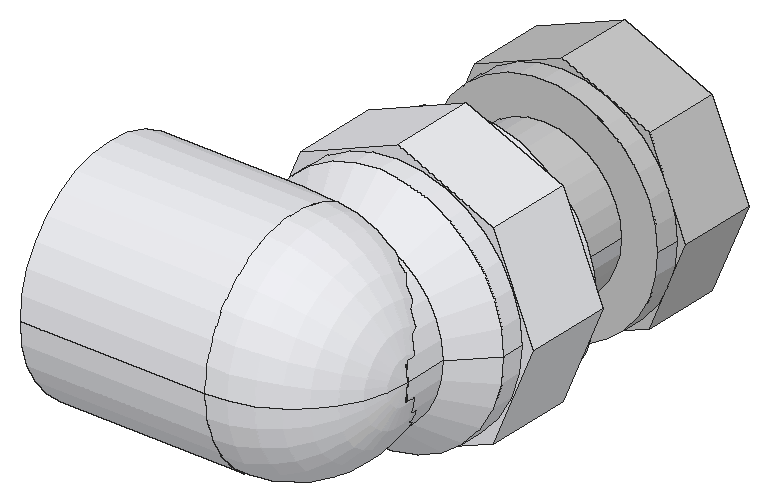
Revit family "PF_Отвод [фитинг полипропиленовый - угольник с накидной гайкой VTp.758.0]1 - VALTEC", category Соединительные детали трубопроводов, Revit 2019
Family settings
  Размер круглого соединителя = Использовать диаметр
  Тип детали = Отвод
  На основе рабочей плоскости = Нет
  Всегда вертикально = Да
  При загрузке вырезать с полостями = Нет
  Общий = Нет
Parameters (values of type "VTp.758.0")
  Угол 1 [instance] = size_lookup(Таблица, "Угол 1", 0.00°, n, d1, d2)  # 0.00°
  Угол [instance] = 90.00°
  Таблица = "PF_Отвод [фитинг полипропиленовый - угольник с накидной гайкой VTp.758.0] - VALTEC"  # constant formula
  built-in parameter 1114238 [instance] = (empty or 0)
  Отразить [instance] = no
  Материал доп.1 = Сталь, нержавеющая - VALTEC
  Keynote = ""
  Manufacturer = ""
  x2 [instance] = size_lookup(Таблица, "x2", 0 mm, n, d1, d2)  # 49.5 mm
  x1 [instance] = size_lookup(Таблица, "x1", 0 mm, n, d1, d2)  # 26.5 mm
  r [instance] = size_lookup(Таблица, "r", 0 mm, n, d1, d2)  # 14.5 mm
  n [instance] = if(Отразить, 1 mm, 0 mm)  # 0 mm
  lc9 [instance] = size_lookup(Таблица, "lc9", 0 mm, n, d1, d2)  # 23.5 mm
  lc8 [instance] = size_lookup(Таблица, "lc8", 0 mm, n, d1, d2)  # 5.7 mm
  lc7 [instance] = size_lookup(Таблица, "lc7", 0 mm, n, d1, d2)  # 4.5 mm
  lc6 [instance] = size_lookup(Таблица, "lc6", 0 mm, n, d1, d2)  # 2.8 mm
  lc5 [instance] = size_lookup(Таблица, "lc5", 0 mm, n, d1, d2)  # 11 mm
  lc4 [instance] = size_lookup(Таблица, "lc4", 0 mm, n, d1, d2)  # 1 mm
  lc3 [instance] = size_lookup(Таблица, "lc3", 0 mm, n, d1, d2)  # 10.5 mm
  lc2 [instance] = size_lookup(Таблица, "lc2", 0 mm, n, d1, d2)  # 3 mm
  lc1 [instance] = size_lookup(Таблица, "lc1", 0 mm, n, d1, d2)  # 10 mm
  la1 [instance] = size_lookup(Таблица, "la1", 0 mm, n, d1, d2)  # -26.5 mm
  l2 [instance] = size_lookup(Таблица, "l2", 0 mm, n, d1, d2)  # 0 mm
  l1 [instance] = size_lookup(Таблица, "l1", 0 mm, n, d1, d2)  # 2.8 mm
  l0 [instance] = size_lookup(Таблица, "l0", 0 mm, n, d1, d2)  # 0 mm
  dn9 [instance] = size_lookup(Таблица, "dn9", 0 mm, n, d1, d2)  # 31.9 mm
  dn8 [instance] = size_lookup(Таблица, "dn8", 0 mm, n, d1, d2)  # 29.5 mm
  dn7 [instance] = size_lookup(Таблица, "dn7", 0 mm, n, d1, d2)  # 20 mm
  dn6 [instance] = size_lookup(Таблица, "dn6", 0 mm, n, d1, d2)  # 27 mm
  dn5 [instance] = size_lookup(Таблица, "dn5", 0 mm, n, d1, d2)  # 32 mm
  dn4 [instance] = size_lookup(Таблица, "dn4", 0 mm, n, d1, d2)  # 35.2 mm
  dn3 [instance] = size_lookup(Таблица, "dn3", 0 mm, n, d1, d2)  # 32 mm
  dn2 [instance] = size_lookup(Таблица, "dn2", 0 mm, n, d1, d2)  # 23.4 mm
  d2 [instance] = 20 mm
  d1 [instance] = 20 mm
  dn1 [instance] = size_lookup(Таблица, "dn1", 0 mm, n, d1, d2)  # 29 mm
  URL = "https://valtec.ru/"
  E [instance] = size_lookup(Таблица, "E", 0 mm, n, d1, d2)  # 26 mm
  C [instance] = size_lookup(Таблица, "C", 0 mm, n, d1, d2)  # 49.5 mm
  B [instance] = size_lookup(Таблица, "B", 0 mm, n, d1, d2)  # 15 mm
  ADSK_Примечание [instance] = ""
  ADSK_Позиция [instance] = ""
  ADSK_Обозначение [instance] = "VTp.758.0"  # constant formula
  ADSK_Наименование [instance] = size_lookup(Таблица, "", "Данный типоразмер отсутствует", n, d1, d2)  # "Фитинг полипропиленовый - угольник с накидной гайкой, 20 мм х 3/4\""
  ADSK_Материал [instance] = Пластик белый - VALTEC
  ADSK_Масса [instance] = size_lookup(Таблица, "Масса", 0, n, d1, d2)  # 0.058
  ADSK_Марка [instance] = size_lookup(Таблица, "Маркировка", "Данный типоразмер отсутствует", n, d1, d2)  # "20 мм х 3/4\""
  ADSK_Код изделия [instance] = size_lookup(Таблица, "Код продукта", "Данный типоразмер отсутствует", n, d1, d2)  # "VTp.758.0.02005"
  ADSK_Завод-изготовитель [instance] = "VALTEC"  # constant formula
  ADSK_Единица измерения [instance] = "шт."  # constant formula
  ADSK_URL страницы изделия = "https://valtec.ru/catalog/sistemy_polipropilenovyh_truboprovodov/polipropilenovye_fitingi/fiting_polipropilenovyj_ugolnik_s_nakidnoj_gajkoj_vtp7580.html"
  ADSK_URL документации изделия = "https://valtec.ru/document/technical/VTp.700-fitingi-0419.pdf"
  A [instance] = size_lookup(Таблица, "A", 0 mm, n, d1, d2)  # 26.5 mm
Reference planes
  plane 1 "По центру (Вперед/Назад)": y = 0
  plane 2: z = 0
  plane 3 "По центру (Влево/Вправо)": x = 0
  plane 4: x = -26.5
  plane 5: y = 14.5
  plane 6: x = -14.5
  plane 7: y = 49.5
Lines and regions (mm)
  reference lines
    curve 1: line (0, 0, 0) -> (0, 49.5, 0)
    curve 2: line (0, 0, 0) -> (-26.5, 0, 0)
    curve 3: line (0, 49.5, 0) -> (10, 49.5, 0)
    curve 4: line (0, 26, 0) -> (10, 26, 0)
    curve 5: line (-26.5, 0, 0) -> (-26.5, -10, 0)
    curve 6: line (-26.5, 0, 0) -> (0, 0, 0)
    curve 7: line (0, 0, 0) -> (0, 49.5, 0)
  model lines, detail levels coarse
    curve 8: arc (-14.5, 0, 0) -> (-4.247, 4.247, 0) -> (0, 14.5, 0) r 14.5
    curve 9: line (0, 49.5, 0) -> (0, 14.5, 0)
    curve 10: line (-26.5, 0, 0) -> (-14.5, 0, 0)
Dimensions and locks
  "r": plane 1 "По центру (Вперед/Назад)" to plane 5
  "r": plane 6 to plane 3 "По центру (Влево/Вправо)"
  "A": plane 4 to plane 3 "По центру (Влево/Вправо)"
  "C": plane 1 "По центру (Вперед/Назад)" to plane 7
  "x1": curve 2 to curve 2
  "x2": curve 1 to curve 1
  "lc9": curve 4 to curve 3
  "r": radius of curve 8
  "Угол 1": angle curve 2 to plane 1 "По центру (Вперед/Назад)"
  "Угол 1": angle plane 3 "По центру (Влево/Вправо)" to curve 1
  locked: curve 1 to curve 3 (angle 90.00°)
  locked: curve 1 to curve 4 (angle 90.00°)
  "Угол 1": angle plane 3 "По центру (Влево/Вправо)" to nested 1
  "Угол 1": angle plane 3 "По центру (Влево/Вправо)" to nested 2
  angle nested 3 to plane 1 "По центру (Вперед/Назад)" = 0.00°
  locked: curve 5 to curve 2 (angle 90.00°)
  "Угол 1": angle nested 3 to plane 1 "По центру (Вперед/Назад)"
  aligned and locked: level to plane 2
  aligned and locked: plane 1 "По центру (Вперед/Назад)" to curve 2
  aligned and locked: curve 1 to nested 1
  aligned and locked: curve 1 to nested 2
  aligned and locked: curve 3 to nested 1
  aligned and locked: nested 2 to curve 4
  aligned and locked: curve 2 to nested 3
  aligned and locked: curve 5 to nested 3
  aligned and locked: plane 4 to curve 6
  aligned and locked: plane 7 to curve 7
  aligned and locked: plane 1 "По центру (Вперед/Назад)" to curve 6
  aligned and locked: plane 3 "По центру (Влево/Вправо)" to curve 7
  aligned and locked: plane 6 to curve 8  (x2)
  aligned and locked: plane 5 to curve 8
  aligned and locked: plane 4 to curve 10
  aligned and locked: plane 1 "По центру (Вперед/Назад)" to curve 10
  aligned and locked: plane 7 to curve 9
  aligned and locked: curve 9 to plane 3 "По центру (Влево/Вправо)"
Nested families
  nested 1: "Часть 2 - VTp.758.0" at (0, 39.5, 0) x (0, 1, 0) z (0, 0, 1), ADSK_Материал <- "Материал доп.1", dn7 <- "dn7", dn8 <- "dn8", dn9 <- "dn9", lc1 <- "lc1", lc3 <- "lc3", lc2 <- "lc2", type "Часть 2 - VTp.758.0", detail levels medium+fine
    with lc3 10.5 mm, lc2 3 mm, lc1 10 mm, hr 29.472 mm, dn9 31.9 mm, dn8 29.5 mm, dn7 20 mm, ADSK_Материал Сталь, нержавеющая - VALTEC
  nested 2: "Часть 3- VTp.758.0" at (0, 13, 0) x (0, 1, 0) z (0, 0, 1), ADSK_Материал <- "ADSK_Материал", dn2 <- "dn2", dn3 <- "dn3", dn4 <- "dn4", dn5 <- "dn5", dn6 <- "dn6", lc4 <- "lc4", lc5 <- "lc5", lc6 <- "lc6", lc7 <- "lc7", lc8 <- "lc8", type "Часть 3 - VTp.758.0", detail levels medium+fine
    with lc8 5.7 mm, lc7 4.5 mm, lc6 2.8 mm, lc5 11 mm, lc4 1 mm, hr 32.521 mm, dn6 27 mm, dn5 32 mm, dn4 35.2 mm, dn3 32 mm, dn2 23.4 mm, ADSK_Материал Пластик белый - VALTEC
  nested 3: "Часть 1 - VTp.758.0" at (0, 0, 0), ADSK_Материал <- "ADSK_Материал", dn1 <- "dn1", l1 <- "l1", x1 <- "x1", type "Часть 1 - VTp.758.0", detail levels medium+fine
    with x1 26.5 mm, l1 2.8 mm, dn1 29 mm, d 24 mm, ADSK_Материал Пластик белый - VALTEC
Connectors
  piping at (-26.5, 0, 0), diameter 20, driven by "d1", driven by "Угол"
    settings: on curve 6, index 1, connector inside diameter 609.6 mm, connector length 0 mm, flow factor 0, pipe flow 0.0 L/s, pressure drop 0.0 Pa, fitting loss kfactor 0, connector angle 90.00°, fixture units 0, engagement length 0 mm, angle of deflection 0.00°, flow configuration 0, flow direction 0, fitting loss method 0, system type 28, joint type 0, gender type 0, connector reference index 2, connector utility 0, adjustable connector no, is connector primary yes, connector description ""
  piping at (0, 49.5, 0), diameter 20, driven by "d2", driven by "Угол"
    settings: on curve 7, index 2, connector inside diameter 609.6 mm, connector length 0 mm, flow factor 0, pipe flow 0.0 L/s, pressure drop 0.0 Pa, fitting loss kfactor 0, connector angle 90.00°, fixture units 0, engagement length 0 mm, angle of deflection 0.00°, flow configuration 0, flow direction 0, fitting loss method 0, system type 28, joint type 0, gender type 0, connector reference index 1, connector utility 0, adjustable connector no, is connector primary no, connector description ""
Definition of nested family "Часть 2 - VTp.758.0"
  Parameters (values of type "Часть 2 - VTp.758.0")
    lc3 [instance] = 10.5 mm
    lc2 [instance] = 3 mm
    lc1 [instance] = 10 mm
    dn9 [instance] = 31.3 mm
    dn8 [instance] = 29.5 mm
    dn7 [instance] = 20 mm
    hr [instance] = dn9 / 2 * cos(180.00° / 8) * 2  # 28.917 mm
    ADSK_Материал [instance] = none
  Reference planes
    plane 1 "По центру (Вперед/Назад)": y = 0
    plane 2: z = 0
    plane 3 "По центру (Влево/Вправо)": x = 0
    plane 4: y = 318.7
    plane 5: y = -318.7
    plane 6: through (0, -1171.188, 2865.281) normal (0, -0.9239, -0.3827)
    plane 7: through (0, -1234.338, 2979.956) normal (0, -0.9239, -0.3827)
    plane 8: through (0, -1297.488, 3094.631) normal (0, -0.9239, -0.3827)
    plane 9: through (0, 1234.338, 2979.956) normal (0, -0.9239, 0.3827)
    plane 10: through (0, -2527.259, 1062.475) normal (0, -0.3827, -0.9239)
    plane 11: through (0, -2532.792, 1049.117) normal (0, -0.3827, -0.9239)
    plane 12: through (0, -2538.325, 1035.759) normal (0, -0.3827, -0.9239)
    plane 13: through (0, 2527.259, 1062.475) normal (0, -0.3827, 0.9239)
    plane 14: through (0, 2532.792, 1049.117) normal (0, -0.3827, 0.9239)
    plane 15: through (0, 2538.325, 1035.759) normal (0, -0.3827, 0.9239)
    plane 16: through (0, 1171.188, 2865.281) normal (0, -0.9239, 0.3827)
    plane 17: through (0, 1234.338, 2979.956) normal (0, -0.9239, 0.3827)
    plane 18: through (0, 1297.488, 3094.631) normal (0, -0.9239, 0.3827)
    plane 19: x = 10
    plane 20: x = -3
    plane 21: x = -13.5
  Forms (mm)
    Extrusion 1, solid, material <- "ADSK_Материал"
      sketch origin (0, 0, 0) x (0, 1, 0) y (0, 0, 1)
        loop
          line (0, 15.65) -> (-11.066, 11.066) -> (-15.65, 0) -> (-11.066, -11.066) -> (0, -15.65) -> (11.066, -11.066) -> (15.65, 0) -> (11.066, 11.066) -> (0, 15.65)
      from 0 to 10
    Extrusion 2, solid, material <- "ADSK_Материал"
      sketch origin (0, 0, 0) x (0, 1, 0) y (0, 0, 1)
        loop
          circle (0, 0) r 14.75
      from -3 to 0
    Extrusion 3, solid, material <- "ADSK_Материал"
      sketch origin (0, 0, 0) x (0, 1, 0) y (0, 0, 1)
        loop
          circle (0, 0) r 10
      from -13.5 to -3
  Cuts and joins
    joined: Extrusion 2, Extrusion 3
  Lines and regions (mm)
    reference lines
      curve 1: line (10, 318.7, 0) -> (10, -318.7, 0)
      curve 2: line (-13.5, 0, 0) -> (10, 0, 0)
  Dimensions and locks
    equal spacing: plane 4, plane 1 "По центру (Вперед/Назад)", plane 5
    locked: plane 4 to plane 5 at 637.4
    equal spacing: plane 8, plane 7, plane 6
    "hr": plane 8 to plane 6
    equal spacing: plane 12, plane 11, plane 10
    "hr": plane 12 to plane 10
    equal spacing: plane 15, plane 14, plane 13
    "hr": plane 15 to plane 13
    equal spacing: plane 18, plane 17, plane 16
    "hr": plane 18 to plane 16
    "lc1": plane 3 "По центру (Влево/Вправо)" to plane 19
    "lc2": plane 20 to plane 3 "По центру (Влево/Вправо)"
    "lc3": plane 21 to plane 20
    "dn8": diameter of Extrusion 2 sketch curve
    "dn7": diameter of Extrusion 3 sketch curve
    aligned and locked: level to plane 2
    aligned and locked: plane 10 to Extrusion 1 sketch curve
    aligned and locked: plane 13 to Extrusion 1 sketch curve
    aligned and locked: plane 16 to Extrusion 1 sketch curve
    aligned and locked: Extrusion 1 sketch curve to plane 8
    aligned and locked: Extrusion 1 sketch curve to plane 12
    aligned and locked: Extrusion 1 sketch curve to plane 15
    aligned and locked: Extrusion 1 sketch curve to plane 18
    aligned and locked: plane 6 to Extrusion 1 sketch curve
    aligned and locked: plane 19 to Extrusion 1
    aligned and locked: Extrusion 1 to plane 19
    aligned and locked: Extrusion 1 to plane 3 "По центру (Влево/Вправо)"
    aligned and locked: plane 5 to curve 1
    aligned and locked: plane 4 to curve 1
    aligned and locked: curve 1 to plane 19
    aligned and locked: curve 1 to Extrusion 2 sketch curve
    aligned and locked: plane 1 "По центру (Вперед/Назад)" to Extrusion 2 sketch curve
    aligned and locked: level to Extrusion 3 sketch curve
    aligned and locked: plane 1 "По центру (Вперед/Назад)" to Extrusion 3 sketch curve
    aligned and locked: plane 3 "По центру (Влево/Вправо)" to Extrusion 2
    aligned and locked: plane 20 to Extrusion 2
    aligned and locked: Extrusion 3 to plane 20
    aligned and locked: plane 21 to Extrusion 3
    aligned and locked: plane 19 to curve 2
    aligned and locked: plane 21 to curve 2
    aligned and locked: plane 1 "По центру (Вперед/Назад)" to curve 2
Definition of nested family "Часть 3- VTp.758.0"
  Parameters (values of type "Часть 3 - VTp.758.0")
    lc8 [instance] = 4.9 mm
    lc7 [instance] = 2.2 mm
    lc6 [instance] = 4.9 mm
    lc5 [instance] = 10 mm
    lc4 [instance] = 1 mm
    dn5 [instance] = 26 mm
    dn6 [instance] = 21.5 mm
    hr [instance] = dn4 / 2 * cos(180.00° / 8) * 2  # 26.515 mm
    dn4 [instance] = 28.7 mm
    dn3 [instance] = 26.4 mm
    dn2 [instance] = 22.6 mm
    ADSK_Материал [instance] = none
  Reference planes
    plane 1 "По центру (Вперед/Назад)": y = 0
    plane 2: z = 0
    plane 3 "По центру (Влево/Вправо)": x = 0
    plane 4: y = 318.7
    plane 5: y = -318.7
    plane 6: through (0, -1172.298, 2864.821) normal (0, -0.9239, -0.3827)
    plane 7: through (0, -1234.338, 2979.956) normal (0, -0.9239, -0.3827)
    plane 8: through (0, -1296.378, 3095.09) normal (0, -0.9239, -0.3827)
    plane 9: through (0, 1234.338, 2979.956) normal (0, -0.9239, 0.3827)
    plane 10: through (0, -2527.718, 1061.365) normal (0, -0.3827, -0.9239)
    plane 11: through (0, -2532.792, 1049.117) normal (0, -0.3827, -0.9239)
    plane 12: through (0, -2537.865, 1036.868) normal (0, -0.3827, -0.9239)
    plane 13: through (0, 2527.718, 1061.365) normal (0, -0.3827, 0.9239)
    plane 14: through (0, 2532.792, 1049.117) normal (0, -0.3827, 0.9239)
    plane 15: through (0, 2537.865, 1036.868) normal (0, -0.3827, 0.9239)
    plane 16: through (0, 1172.298, 2864.821) normal (0, -0.9239, 0.3827)
    plane 17: through (0, 1234.338, 2979.956) normal (0, -0.9239, 0.3827)
    plane 18: through (0, 1296.378, 3095.09) normal (0, -0.9239, 0.3827)
    plane 19: x = 10
    plane 20: x = -4.9
    plane 21: x = -7.1
    plane 22: x = -12
    plane 23: x = 11
    plane 24: x = 12
  Forms (mm)
    Extrusion 1, solid, material <- "ADSK_Материал"
      sketch origin (0, 0, 0) x (0, 1, 0) y (0, 0, 1)
        loop
          line (0, 14.35) -> (-10.147, 10.147) -> (-14.35, 0) -> (-10.147, -10.147) -> (0, -14.35) -> (10.147, -10.147) -> (14.35, 0) -> (10.147, 10.147) -> (0, 14.35)
      from 0 to 10
    Extrusion 2, solid, material <- "ADSK_Материал"
      sketch origin (0, 0, 0) x (0, 1, 0) y (0, 0, 1)
        loop
          circle (0, 0) r 13
      from 10 to 11
    Extrusion 3, solid, material <- "ADSK_Материал"
      sketch origin (0, 0, 0) x (0, 1, 0) y (0, 0, 1)
        loop
          circle (0, 0) r 13.2
      from -4.9 to 0
    Blend 4, solid, material <- "ADSK_Материал"
      base sketch origin (0, 0, 0) x (0, 1, 0) y (0, 0, 1)
        loop
          circle (0, 0) r 10.75
      top sketch origin (0, 0, 0) x (0, 1, 0) y (0, 0, 1)
        loop
          circle (0, 0) r 13
      from 12 to 11
    Blend 5, solid, material <- "ADSK_Материал"
      base sketch origin (0, 0, 0) x (0, 1, 0) y (0, 0, 1)
        loop
          circle (0, 0) r 11.3
      top sketch origin (0, 0, 0) x (0, 1, 0) y (0, 0, 1)
        loop
          circle (0, 0) r 13.2
      from -7.1 to -4.9
    Extrusion 6, solid, material <- "ADSK_Материал"
      sketch origin (0, 0, 0) x (0, 1, 0) y (0, 0, 1)
        loop
          circle (0, 0) r 11.3
      from -12 to -7.1
  Cuts and joins
    joined: Extrusion 1, Extrusion 2, Extrusion 3, Blend 4, Blend 5, Extrusion 6
  Lines and regions (mm)
    reference lines
      curve 1: line (10, 318.7, 0) -> (10, -318.7, 0)
      curve 2: line (-7.1, 0, 0) -> (10, 0, 0)
      curve 3: line (12, 14.35, 0) -> (12, -14.35, 0)
  Dimensions and locks
    equal spacing: plane 4, plane 1 "По центру (Вперед/Назад)", plane 5
    locked: plane 4 to plane 5 at 637.4
    equal spacing: plane 8, plane 7, plane 6
    "hr": plane 8 to plane 6
    equal spacing: plane 12, plane 11, plane 10
    "hr": plane 12 to plane 10
    equal spacing: plane 15, plane 14, plane 13
    "hr": plane 15 to plane 13
    equal spacing: plane 18, plane 17, plane 16
    "hr": plane 18 to plane 16
    "lc5": plane 3 "По центру (Влево/Вправо)" to plane 19
    "lc6": plane 20 to plane 3 "По центру (Влево/Вправо)"
    "lc7": plane 21 to plane 20
    "lc8": plane 22 to plane 21
    "lc4": plane 19 to plane 23
    "lc4": plane 23 to plane 24
    equal spacing: curve 3, plane 1 "По центру (Вперед/Назад)", curve 3
    "dn4": curve 3 to curve 3
    "dn5": diameter of Extrusion 2 sketch curve
    "dn3": diameter of Extrusion 3 sketch curve
    "dn6": diameter of Blend 4 sketch curve
    "dn5": diameter of Blend 4 sketch curve
    "dn2": diameter of Blend 5 sketch curve
    "dn3": diameter of Blend 5 sketch curve
    "dn2": diameter of Extrusion 6 sketch curve
    aligned and locked: level to plane 2
    aligned and locked: plane 10 to Extrusion 1 sketch curve
    aligned and locked: plane 13 to Extrusion 1 sketch curve
    aligned and locked: plane 16 to Extrusion 1 sketch curve
    aligned and locked: Extrusion 1 sketch curve to plane 8
    aligned and locked: Extrusion 1 sketch curve to plane 12
    aligned and locked: Extrusion 1 sketch curve to plane 15
    aligned and locked: Extrusion 1 sketch curve to plane 18
    aligned and locked: plane 6 to Extrusion 1 sketch curve
    aligned and locked: plane 19 to Extrusion 1
    aligned and locked: Extrusion 1 to plane 19
    aligned and locked: Extrusion 1 to plane 3 "По центру (Влево/Вправо)"
    aligned and locked: plane 5 to curve 1
    aligned and locked: plane 4 to curve 1
    aligned and locked: curve 1 to plane 19
    aligned and locked: curve 1 to Extrusion 2 sketch curve
    aligned and locked: plane 1 "По центру (Вперед/Назад)" to Extrusion 2 sketch curve
    aligned and locked: level to Extrusion 3 sketch curve
    aligned and locked: plane 1 "По центру (Вперед/Назад)" to Extrusion 3 sketch curve
    aligned and locked: plane 19 to curve 2
    aligned and locked: plane 21 to curve 2
    aligned and locked: plane 1 "По центру (Вперед/Назад)" to curve 2
    aligned and locked: curve 1 to cut or joined group of Extrusion 1, Extrusion 2, Extrusion 3, Blend 4, Blend 5, Extrusion 6
    aligned and locked: plane 23 to cut or joined group of Extrusion 1, Extrusion 2, Extrusion 3, Blend 4, Blend 5, Extrusion 6
    aligned and locked: level to Blend 4 sketch curve  (x2)
    aligned and locked: plane 1 "По центру (Вперед/Назад)" to Blend 4 sketch curve  (x2)
    aligned and locked: Blend 4 to plane 23
    aligned and locked: plane 24 to Blend 4
    aligned and locked: plane 3 "По центру (Влево/Вправо)" to cut or joined group of Extrusion 1, Extrusion 2, Extrusion 3, Blend 4, Blend 5, Extrusion 6
    aligned and locked: plane 20 to cut or joined group of Extrusion 1, Extrusion 2, Extrusion 3, Blend 4, Blend 5, Extrusion 6
    aligned and locked: plane 20 to Blend 5
    aligned and locked: plane 21 to Blend 5
    aligned and locked: level to Extrusion 6 sketch curve
    aligned and locked: plane 1 "По центру (Вперед/Назад)" to Extrusion 6 sketch curve
    aligned and locked: plane 22 to Extrusion 6
    aligned and locked: Extrusion 6 to plane 21
    aligned and locked: level to Blend 5 sketch curve  (x2)
    aligned and locked: plane 1 "По центру (Вперед/Назад)" to Blend 5 sketch curve  (x2)
    aligned and locked: curve 3 to plane 24
Definition of nested family "Часть 1 - VTp.758.0"
  Parameters (values of type "Часть 1 - VTp.758.0")
    x1 [instance] = 26.5 mm
    l1 [instance] = 3.2 mm
    dn1 [instance] = 29 mm
    d [instance] = 29 mm - 5 mm  # 24 mm
    ADSK_Материал [instance] = none
  Reference planes
    plane 1 "По центру (Вперед/Назад)": y = 0
    plane 2: z = 0
    plane 3 "По центру (Влево/Вправо)": x = 0
    plane 4: y = 12
    plane 5: y = -12
    plane 6: x = -3.2
    plane 7: x = -26.5
  Forms (mm)
    Revolve 1, solid, material <- "ADSK_Материал"
      sketch origin (0, 0, 0) x (1, 0, 0) y (0, 1, 0)
        loop
          arc (11.3, 0) -> (7.053, 10.253) -> (-3.2, 14.5) r 14.5
          line (-3.2, 14.5) -> (-3.2, 0) -> (11.3, 0)
        axis (11.3, 0) -> (-3.2, 0)
      angle from 0 to 360
    Extrusion 2, solid, material <- "ADSK_Материал"
      sketch origin (0, 0, 0) x (0, 1, 0) y (0, 0, 1)
        loop
          circle (0, 0) r 14.5
      from -26.5 to -3.2
  Cuts and joins
    joined: Revolve 1, Extrusion 2
  Lines and regions (mm)
    reference lines
      curve 1: line (-26.5, 0, 0) -> (0, 0, 0)
      curve 2: line (-26.5, 12, 0) -> (-26.5, -12, 0)
  Dimensions and locks
    "x1": plane 7 to plane 3 "По центру (Влево/Вправо)"
    "l1": plane 6 to plane 3 "По центру (Влево/Вправо)"
    equal spacing: plane 5, plane 1 "По центру (Вперед/Назад)", plane 4
    "d": plane 5 to plane 4
    "dn1": diameter of Revolve 1 sketch curve
    "dn1": diameter of Extrusion 2 sketch curve
    aligned and locked: level to plane 2
    aligned and locked: plane 6 to Revolve 1 sketch curve
    aligned and locked: plane 1 "По центру (Вперед/Назад)" to Revolve 1 sketch curve  (x3)
    aligned and locked: Revolve 1 sketch curve to plane 6
    aligned and locked: level to Extrusion 2 sketch curve
    aligned and locked: plane 1 "По центру (Вперед/Назад)" to Extrusion 2 sketch curve
    aligned and locked: Extrusion 2 to plane 7
    aligned and locked: plane 6 to Extrusion 2
    aligned and locked: plane 3 "По центру (Влево/Вправо)" to curve 1
    aligned and locked: plane 7 to curve 1
    aligned and locked: plane 1 "По центру (Вперед/Назад)" to curve 1
    aligned and locked: plane 5 to curve 2
    aligned and locked: plane 4 to curve 2
    aligned and locked: curve 2 to plane 7
    aligned and locked: Revolve 1 sketch curve to plane 1 "По центру (Вперед/Назад)"
  Automatic sketch dimensions
    Revolve 1 sketch curve to plane 7 = 1973.5 mm
    Revolve 1 sketch curve to Revolve 1 sketch curve = 1988.7 mm
